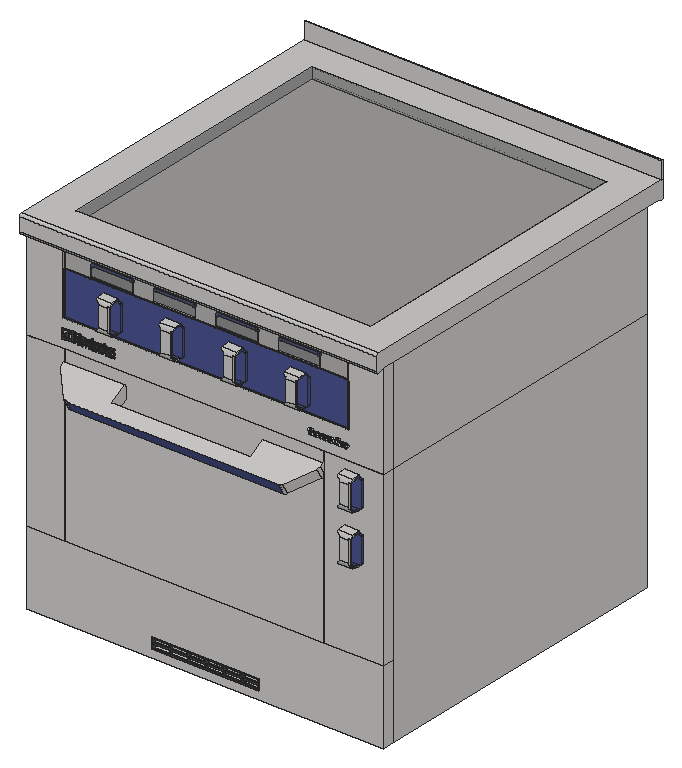
Revit family "QF_ELECTROLUXPROFESSIONAL_588431_MAIMFBH8AO", category Attrezzature speciali, Revit 2020 (continued)
Definition of nested family "Front_Panel_W800_4 Knobs"
  Definition of nested family "ELX_Professional_Logo_Small"
    Forms (mm)
      Extrusion 2, solid, material <- "Material_Logo"
        sketch origin (15.5, 0, 0) x (1, 0, 0) y (0, 1, 0)
          loop
            spline (-12.295, -0.468) -> (-12.474, -0.643) -> (-12.659, -0.805) -> (-12.85, -0.953) -> (-13.048, -1.087) -> (-13.254, -1.206) -> (-13.467, -1.311) -> (-13.69, -1.4) -> (-13.921, -1.475) -> (-14.162, -1.533) -> (-14.414, -1.575) -> (-14.677, -1.6) -> (-14.951, -1.609)
            spline (-14.951, -1.609) -> (-15.398, -1.581) -> (-15.823, -1.497) -> (-16.223, -1.362) -> (-16.596, -1.179) -> (-16.937, -0.95) -> (-17.243, -0.678) -> (-17.512, -0.367) -> (-17.739, -0.02) -> (-17.921, 0.36) -> (-18.055, 0.771) -> (-18.138, 1.208) -> (-18.167, 1.669)
          loop
            spline (-4.441, -1.243) -> (-4.659, -1.247) -> (-4.894, -1.23) -> (-5.137, -1.19) -> (-5.384, -1.121) -> (-5.628, -1.021) -> (-5.864, -0.884) -> (-6.084, -0.708) -> (-6.283, -0.488) -> (-6.454, -0.219) -> (-6.592, 0.101) -> (-6.69, 0.478) -> (-6.742, 0.914)
            line (-6.742, 0.914) -> (-6.742, 4.587) -> (-4.487, 4.587) -> (-4.487, 6.838) -> (-6.738, 6.838) -> (-6.738, 10.824) -> (-9.217, 10.824) -> (-9.217, 0.773)
            spline (-9.217, 0.773) -> (-9.164, 0.19) -> (-9.068, -0.358) -> (-8.928, -0.87) -> (-8.742, -1.343) -> (-8.511, -1.777) -> (-8.232, -2.168) -> (-7.904, -2.515) -> (-7.527, -2.816) -> (-7.098, -3.069) -> (-6.618, -3.273) -> (-6.084, -3.426) -> (-5.496, -3.525)
            line (-5.496, -3.525) -> (-4.45, -3.573) -> (-4.441, -1.243)
          loop
            spline (3.898, 6.983) -> (3.469, 7.009) -> (3.056, 7.001) -> (2.661, 6.961) -> (2.283, 6.888) -> (1.925, 6.785) -> (1.588, 6.652) -> (1.272, 6.49) -> (0.979, 6.301) -> (0.71, 6.085) -> (0.465, 5.844) -> (0.247, 5.578) -> (0.056, 5.289)
            line (0.056, 5.289) -> (0.056, 6.838) -> (-2.402, 6.838) -> (-2.402, -3.572) -> (0.056, -3.572) -> (0.056, 1.901)
            spline (0.056, 1.901) -> (0.079, 2.316) -> (0.145, 2.703) -> (0.254, 3.06) -> (0.404, 3.386) -> (0.592, 3.679) -> (0.818, 3.938) -> (1.08, 4.162) -> (1.375, 4.348) -> (1.703, 4.495) -> (2.062, 4.602) -> (2.45, 4.668) -> (2.865, 4.69)
            line (2.865, 4.69) -> (3.898, 4.586) -> (3.898, 6.983)
          loop
            spline (15.638, 1.633) -> (15.586, 2.396) -> (15.435, 3.124) -> (15.192, 3.81) -> (14.863, 4.449) -> (14.455, 5.034) -> (13.975, 5.56) -> (13.43, 6.021) -> (12.826, 6.411) -> (12.17, 6.724) -> (11.469, 6.955) -> (10.729, 7.098) -> (9.958, 7.147)
            spline (9.958, 7.147) -> (9.182, 7.098) -> (8.44, 6.955) -> (7.737, 6.724) -> (7.081, 6.411) -> (6.477, 6.021) -> (5.933, 5.56) -> (5.454, 5.034) -> (5.048, 4.449) -> (4.721, 3.81) -> (4.479, 3.124) -> (4.329, 2.396) -> (4.277, 1.633)
            spline (4.277, 1.633) -> (4.329, 0.869) -> (4.479, 0.141) -> (4.721, -0.544) -> (5.048, -1.183) -> (5.454, -1.768) -> (5.933, -2.294) -> (6.477, -2.755) -> (7.081, -3.145) -> (7.737, -3.459) -> (8.44, -3.69) -> (9.182, -3.833) -> (9.958, -3.882)
            spline (9.958, -3.882) -> (10.729, -3.833) -> (11.469, -3.69) -> (12.17, -3.459) -> (12.826, -3.145) -> (13.43, -2.755) -> (13.975, -2.294) -> (14.455, -1.768) -> (14.863, -1.183) -> (15.192, -0.544) -> (15.435, 0.141) -> (15.586, 0.869) -> (15.638, 1.633)
          loop
            spline (13.18, 1.633) -> (13.151, 2.083) -> (13.067, 2.513) -> (12.932, 2.918) -> (12.748, 3.296) -> (12.52, 3.642) -> (12.251, 3.954) -> (11.943, 4.227) -> (11.601, 4.459) -> (11.228, 4.645) -> (10.828, 4.782) -> (10.403, 4.867) -> (9.958, 4.896)
            spline (9.958, 4.896) -> (9.509, 4.867) -> (9.081, 4.782) -> (8.679, 4.645) -> (8.306, 4.459) -> (7.964, 4.227) -> (7.658, 3.954) -> (7.39, 3.642) -> (7.163, 3.296) -> (6.981, 2.918) -> (6.847, 2.513) -> (6.765, 2.083) -> (6.736, 1.633)
            spline (6.736, 1.633) -> (6.765, 1.182) -> (6.847, 0.753) -> (6.981, 0.347) -> (7.163, -0.031) -> (7.39, -0.377) -> (7.658, -0.689) -> (7.964, -0.962) -> (8.306, -1.193) -> (8.679, -1.38) -> (9.081, -1.517) -> (9.509, -1.602) -> (9.958, -1.631)
            spline (9.958, -1.631) -> (10.403, -1.602) -> (10.828, -1.517) -> (11.228, -1.38) -> (11.601, -1.193) -> (11.943, -0.962) -> (12.251, -0.689) -> (12.52, -0.377) -> (12.748, -0.031) -> (12.932, 0.347) -> (13.067, 0.753) -> (13.151, 1.182) -> (13.18, 1.633)
          loop
            line (17.162, 4.269) -> (17.162, -3.573) -> (19.642, -3.573) -> (19.642, 10.824) -> (17.162, 10.824) -> (17.162, 4.269)
          loop
            line (28.581, 6.838) -> (28.581, 0.786)
            spline (28.581, 0.786) -> (28.561, 0.393) -> (28.503, 0.038) -> (28.409, -0.279) -> (28.281, -0.559) -> (28.122, -0.802) -> (27.933, -1.011) -> (27.717, -1.185) -> (27.476, -1.325) -> (27.213, -1.433) -> (26.929, -1.509) -> (26.626, -1.554) -> (26.308, -1.569)
            spline (26.308, -1.569) -> (25.99, -1.554) -> (25.688, -1.509) -> (25.404, -1.434) -> (25.141, -1.326) -> (24.9, -1.187) -> (24.684, -1.014) -> (24.496, -0.807) -> (24.336, -0.565) -> (24.209, -0.288) -> (24.115, 0.026) -> (24.057, 0.376) -> (24.037, 0.765)
            line (24.037, 0.765) -> (24.037, 6.838) -> (21.537, 6.838) -> (21.537, 0.558)
            spline (21.537, 0.558) -> (21.581, -0.153) -> (21.71, -0.8) -> (21.916, -1.384) -> (22.195, -1.904) -> (22.54, -2.362) -> (22.944, -2.757) -> (23.403, -3.09) -> (23.909, -3.362) -> (24.456, -3.572) -> (25.04, -3.722) -> (25.652, -3.811) -> (26.288, -3.841)
            spline (26.288, -3.841) -> (26.929, -3.811) -> (27.547, -3.72) -> (28.135, -3.568) -> (28.687, -3.355) -> (29.197, -3.079) -> (29.66, -2.741) -> (30.068, -2.341) -> (30.415, -1.877) -> (30.696, -1.349) -> (30.905, -0.757) -> (31.034, -0.101) -> (31.079, 0.621)
            line (31.079, 0.621) -> (31.079, 6.838) -> (28.581, 6.838)
          loop
            line (40.457, -0.243) -> (38.894, 1.942) -> (40.83, 4.579) -> (42.488, 6.837) -> (39.782, 6.837) -> (37.53, 3.719) -> (35.258, 6.837) -> (32.573, 6.837) -> (34.113, 4.731) -> (36.167, 1.922) -> (34.014, -1.076) -> (32.222, -3.573) -> (34.887, -3.573) -> (37.53, 0.104) -> (40.174, -3.573) -> (42.839, -3.573) -> (40.457, -0.243)
          loop
            line (-46.121, -5.837) -> (-48.039, -5.837) -> (-48.039, -10.814) -> (-47.016, -10.814) -> (-47.016, -9.128) -> (-46.121, -9.128)
            arc (-46.121, -9.128) -> (-44.476, -7.482) -> (-46.121, -5.837) r 1.645
          loop
            line (-46.163, -6.778) -> (-47.016, -6.778) -> (-47.016, -8.187) -> (-46.163, -8.187)
            arc (-46.163, -8.187) -> (-45.458, -7.482) -> (-46.163, -6.778) r 0.704
          loop
            line (-38.313, -5.837) -> (-40.265, -5.837) -> (-40.265, -10.814) -> (-39.241, -10.814) -> (-39.241, -9.1) -> (-38.46, -9.182) -> (-37.48, -10.814) -> (-36.318, -10.814) -> (-37.513, -8.848)
            arc (-37.513, -8.848) -> (-36.888, -8.266) -> (-36.671, -7.441) r 1.536
            arc (-36.671, -7.441) -> (-37.165, -6.305) -> (-38.313, -5.837) r 1.643
          loop
            arc (-38.402, -8.166) -> (-37.707, -7.505) -> (-38.334, -6.778) r 0.696
            line (-38.334, -6.778) -> (-39.241, -6.778) -> (-39.241, -8.166) -> (-38.402, -8.166)
          loop
            circle (-29.965, -8.325) r 2.585
          loop
            circle (-29.965, -8.325) r 1.64
          loop
            line (-23.1, -5.837) -> (-23.1, -10.814) -> (-22.076, -10.814) -> (-22.076, -8.768) -> (-20.204, -8.768) -> (-20.204, -7.828) -> (-22.076, -7.828) -> (-22.076, -6.778) -> (-20.024, -6.778) -> (-20.024, -5.837) -> (-23.1, -5.837)
          loop
            line (-15.802, -5.837) -> (-15.802, -9.2)
            arc (-15.802, -9.2) -> (-15.343, -10.34) -> (-14.209, -10.814) r 1.593
            line (-14.209, -10.814) -> (-12.602, -10.814) -> (-12.602, -10.027) -> (-14.004, -10.027)
            arc (-14.004, -10.027) -> (-14.552, -9.8) -> (-14.779, -9.252) r 0.775
            line (-14.779, -9.252) -> (-14.779, -8.424) -> (-12.789, -8.424) -> (-12.789, -7.642) -> (-14.779, -7.642) -> (-14.779, -6.778) -> (-12.651, -6.778) -> (-12.651, -5.837) -> (-15.802, -5.837)
          loop
            line (-5.909, -7.143) -> (-5.173, -6.638)
            arc (-5.173, -6.638) -> (-5.855, -5.974) -> (-6.781, -5.755) r 1.782
            arc (-6.781, -5.755) -> (-7.397, -5.878) -> (-7.944, -6.189) r 1.974
            arc (-7.944, -6.189) -> (-8.202, -6.5) -> (-8.317, -6.888) r 1.013
            arc (-8.317, -6.888) -> (-8.306, -7.341) -> (-8.192, -7.78) r 1.985
            arc (-8.192, -7.78) -> (-7.749, -8.259) -> (-7.171, -8.563) r 1.928
            arc (-7.171, -8.563) -> (-6.637, -8.779) -> (-6.131, -9.056) r 5.041
            arc (-6.131, -9.056) -> (-5.934, -9.387) -> (-6.09, -9.74) r 0.42
            arc (-6.09, -9.74) -> (-6.631, -9.96) -> (-7.204, -9.845) r 1.016
            arc (-7.204, -9.845) -> (-7.625, -9.603) -> (-7.889, -9.196) r 1.033
            line (-7.889, -9.196) -> (-8.67, -9.686)
            arc (-8.67, -9.686) -> (-8.361, -10.198) -> (-7.908, -10.589) r 1.914
            arc (-7.908, -10.589) -> (-7.334, -10.834) -> (-6.714, -10.896) r 2.063
            arc (-6.714, -10.896) -> (-5.947, -10.743) -> (-5.256, -10.376) r 2.696
            arc (-5.256, -10.376) -> (-4.95, -9.565) -> (-5.108, -8.712) r 1.618
            arc (-5.108, -8.712) -> (-5.448, -8.319) -> (-5.884, -8.035) r 1.876
            arc (-5.884, -8.035) -> (-6.434, -7.789) -> (-6.999, -7.577) r 9.883
            arc (-6.999, -7.577) -> (-7.325, -7.07) -> (-6.854, -6.694) r 0.45
            arc (-6.854, -6.694) -> (-6.329, -6.809) -> (-5.909, -7.143) r 1.197
          loop
            line (1.61, -7.143) -> (2.345, -6.638)
            arc (2.345, -6.638) -> (1.663, -5.974) -> (0.737, -5.755) r 1.782
            arc (0.737, -5.755) -> (0.121, -5.878) -> (-0.425, -6.189) r 1.974
            arc (-0.425, -6.189) -> (-0.683, -6.5) -> (-0.799, -6.888) r 1.013
            arc (-0.799, -6.888) -> (-0.788, -7.341) -> (-0.674, -7.78) r 1.985
            arc (-0.674, -7.78) -> (-0.231, -8.259) -> (0.347, -8.563) r 1.928
            arc (0.347, -8.563) -> (0.881, -8.779) -> (1.387, -9.056) r 5.041
            arc (1.387, -9.056) -> (1.584, -9.387) -> (1.428, -9.74) r 0.42
            arc (1.428, -9.74) -> (0.887, -9.96) -> (0.314, -9.845) r 1.016
            arc (0.314, -9.845) -> (-0.107, -9.603) -> (-0.371, -9.196) r 1.033
            line (-0.371, -9.196) -> (-1.152, -9.686)
            arc (-1.152, -9.686) -> (-0.842, -10.198) -> (-0.39, -10.589) r 1.914
            arc (-0.39, -10.589) -> (0.184, -10.834) -> (0.804, -10.896) r 2.063
            arc (0.804, -10.896) -> (1.572, -10.743) -> (2.263, -10.376) r 2.696
            arc (2.263, -10.376) -> (2.568, -9.565) -> (2.411, -8.712) r 1.618
            arc (2.411, -8.712) -> (2.07, -8.319) -> (1.635, -8.035) r 1.876
            arc (1.635, -8.035) -> (1.084, -7.789) -> (0.519, -7.577) r 9.883
            arc (0.519, -7.577) -> (0.193, -7.07) -> (0.665, -6.694) r 0.45
            arc (0.665, -6.694) -> (1.189, -6.809) -> (1.61, -7.143) r 1.197
          loop
            line (6.801, -5.837) -> (6.801, -10.814) -> (7.825, -10.814) -> (7.825, -5.837) -> (6.801, -5.837)
          loop
            circle (14.724, -8.325) r 1.548
          loop
            circle (14.724, -8.325) r 2.585
          loop
            line (21.59, -10.814) -> (22.623, -10.814) -> (22.623, -7.685) -> (24.9, -10.814) -> (25.895, -10.814) -> (25.895, -5.837) -> (24.861, -5.837) -> (24.861, -9.061) -> (22.585, -5.837) -> (21.59, -5.837) -> (21.59, -10.814)
          loop
            line (31.054, -10.814) -> (31.539, -9.74) -> (33.38, -9.74) -> (33.865, -10.814) -> (34.965, -10.814) -> (32.46, -5.837) -> (29.956, -10.814) -> (31.054, -10.814)
          loop
            line (32.46, -7.698) -> (31.999, -8.719) -> (32.921, -8.719) -> (32.46, -7.698)
          loop
            line (40.047, -9.873) -> (40.047, -5.837) -> (39.024, -5.837) -> (39.024, -10.814) -> (41.961, -10.814) -> (41.961, -9.873) -> (40.047, -9.873)
          loop
            line (-74.986, -10.814) -> (-53.322, -10.814) -> (-53.322, 10.82) -> (-74.986, 10.82) -> (-74.986, -10.814)
          loop
            line (-61.261, 9.758) -> (-61.261, -9.707)
            arc (-61.261, -9.707) -> (-54.066, 0.025) -> (-61.261, 9.758) r 10.18
          loop
            line (-62.251, 8.349) -> (-62.251, 9.758)
            arc (-62.251, 9.758) -> (-70.347, 7.918) -> (-74.247, 0.59) r 9.976
            line (-74.247, 0.59) -> (-71.026, 0.59)
            arc (-71.026, 0.59) -> (-65.274, 2.925) -> (-62.251, 8.349) r 9.351
          loop
            arc (-74.247, -0.539) -> (-70.353, -7.928) -> (-62.251, -9.957) r 10.237
            line (-62.251, -9.957) -> (-62.251, -8.298)
            arc (-62.251, -8.298) -> (-65.274, -2.874) -> (-71.026, -0.539) r 9.351
            line (-71.026, -0.539) -> (-74.247, -0.539)
        from 0 to 1.644
    Dimensions and locks
      aligned and locked: plane 2 to Extrusion 1
      aligned and locked: level to Extrusion 1
